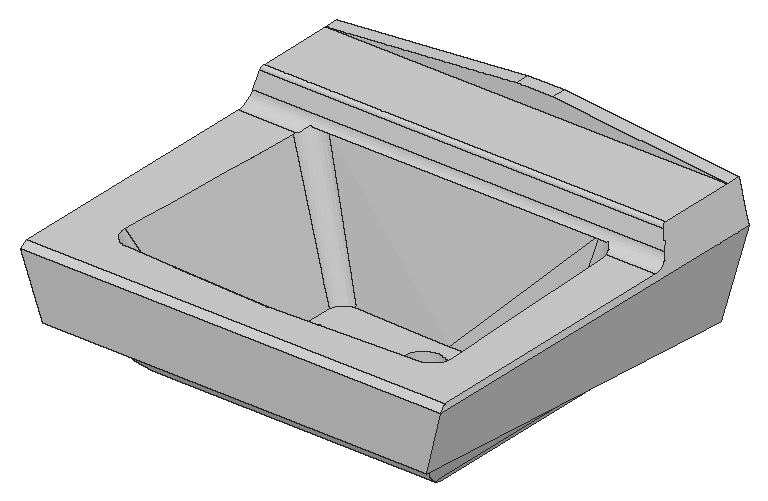
Revit family
Parameters (values of type "0321.026")
  Waste Connection = yes
  WFU = 0
  Vent Connection = no
  URL = "www.americanstandard-us.com"
  Type Comments = ""
  Revised Date = "09/12/2011"
  Product URL = "http://www.americanstandard-us.com/commercial-sinks/declyn-wall-mount-sink/"
  Phone # = "416-250-5656"
  Model = "0321.026"
  Material = Vitreous China
  Manufacturer = "American Standard"
  HWFU = 0
  HW Connection = yes
  Designed By = "ATS BIM Team"
  Description = "Wall Mount Sink"
  Default Elevation = 2' - 10"
  Cost = 0
  CWFU = 0
  CW Connection = yes
  Assembly Code = "D2010400"
Reference planes (in)
  plane 1: y = 0
  plane 2: z = 0
  plane 3: x = 0
Forms (in)
  Extrusion 1, solid, material "Vitreous China" <- "Material"
    sketch origin (0, -60, 0) x (0, 1, 0) y (0, 0, 1)
      loop
        line (61.6165, 10.49415) -> (61.6165, 12.55886) -> (60.99937, 12.55886) -> (60.99937, 11.80886) -> (57.59415, 11.80886)
        arc (57.59415, 11.80886) -> (57.47341, 11.76251) -> (57.4147, 11.64729) r 0.18043
        line (57.4147, 11.64729) -> (57.23478, 10.86793)
        arc (57.23478, 10.86793) -> (57.03125, 10.46848) -> (56.61271, 10.30782) r 0.62549
        line (56.61271, 10.30782) -> (44.9108, 10.30782) -> (44.64047, 10.03749) -> (44.88114, 7.28656) -> (61.6165, 5.80886) -> (61.6165, 10.49415)
    from -9.74482 to 9.56518
  Blend 2, void
    base sketch origin (-0.01376, -0.05339, 0) x (1, 0, 0) y (0, 1, 0)
      loop
        line (0, -10.89724) -> (4.74711, -10.73147)
        arc (4.74711, -10.73147) -> (5.08814, -10.29162) -> (5.11049, -9.7355) r 0.91314
        line (5.11049, -9.7355) -> (4.90981, -3.989)
        arc (4.90981, -3.989) -> (4.71552, -3.51993) -> (4.24645, -3.32563) r 0.66337
        arc (4.24645, -3.32563) -> (2.12564, -3.4689) -> (0, -3.47415) r 32.7172
        arc (0, -3.47415) -> (-2.12564, -3.4689) -> (-4.24645, -3.32563) r 32.7172
        arc (-4.24645, -3.32563) -> (-4.71552, -3.51993) -> (-4.90981, -3.989) r 0.66337
        line (-4.90981, -3.989) -> (-5.11049, -9.7355)
        arc (-5.11049, -9.7355) -> (-5.08814, -10.29162) -> (-4.74711, -10.73147) r 0.91314
        line (-4.74711, -10.73147) -> (0, -10.89724)
    top sketch origin (-0.01376, -0.05339, 0) x (1, 0, 0) y (0, 1, 0)
      loop
        arc (-7.32715, -12.39402) -> (-7.0923, -13.037) -> (-6.47082, -13.32394) r 0.89152
        arc (-6.47082, -13.32394) -> (-3.2368, -13.48482) -> (0, -13.57332) r 144.75412
        arc (0, -13.57332) -> (3.2368, -13.48482) -> (6.47082, -13.32394) r 144.75412
        arc (6.47082, -13.32394) -> (7.0923, -13.037) -> (7.32715, -12.39402) r 0.89152
        line (7.32715, -12.39402) -> (6.93742, -3.50809)
        arc (6.93742, -3.50809) -> (6.6091, -2.93736) -> (5.9905, -2.71184) r 0.96118
        line (5.9905, -2.71184) -> (-5.9905, -2.71184)
        arc (-5.9905, -2.71184) -> (-6.63884, -2.90199) -> (-6.93742, -3.50809) r 0.84
        line (-6.93742, -3.50809) -> (-7.32715, -12.39402)
    from 4.30886 to 10.49412
  Extrusion 3, void
    sketch origin (-60, 0, 0) x (-1, 0, 0) y (0, 0, 1)
      loop
        line (-51.70591, 5.80886) -> (-49.98875, 5.80886) -> (-49.98875, 12.55886) -> (-60.02696, 12.55886)
        arc (-60.02696, 12.55886) -> (-55.45056, 12.38671) -> (-50.90747, 11.80925) r 51.5712
        line (-50.90747, 11.80925) -> (-50.48875, 10.03749) -> (-51.70591, 5.80886)
    from -15.92472 to 2.1165
  Extrusion 4, void
    sketch origin (59.55392, 0, 0.00971) x (1, 0, 0) y (0, 0, -1)
      loop
        line (-51.74469, -5.67415) -> (-50.48875, -10.03749) -> (-50.90747, -11.80925)
        arc (-50.90747, -11.80925) -> (-55.45056, -12.38671) -> (-60.02696, -12.55886) r 51.5712
        line (-60.02696, -12.55886) -> (-49.98875, -12.55886) -> (-49.98875, -5.67415) -> (-51.74469, -5.67415)
    from -15.92472 to 2.1165
  Extrusion 5, solid, material "Vitreous China" <- "Material"
    sketch origin (-6, -60, 0) x (0, 1, 0) y (0, 0, 1)
      loop
        arc (46.26185, 7.16465) -> (47.1783, 5.58202) -> (48.65647, 4.50515) r 4.42495
        arc (48.65647, 4.50515) -> (51.16965, 3.62038) -> (53.77868, 3.08022) r 19.84667
        line (53.77868, 3.08022) -> (58.66113, 3.08022)
        arc (58.66113, 3.08022) -> (58.76626, 4.56825) -> (58.77254, 6.05998) r 22.49363
        line (58.77254, 6.05998) -> (46.26185, 7.16465)
    from -1.30767 to 13.33657
  Extrusion 6, void
    sketch origin (-60, -13.625, -0.07285) x (-1, 0, 0) y (0, 0, 1)
      loop
        line (-67.33657, 7.16465) -> (-67.33657, 3.15307) -> (-61.25, 3.15307) -> (-64.44029, 3.7732)
        arc (-64.44029, 3.7732) -> (-65.44354, 4.22674) -> (-66.21286, 5.01437) r 2.97227
        line (-66.21286, 5.01437) -> (-67.33657, 7.16465)
      loop
        line (-52.69233, 3.15307) -> (-52.69233, 7.16465) -> (-53.78463, 5.02089)
        arc (-53.78463, 5.02089) -> (-54.54356, 4.20703) -> (-55.56791, 3.77222) r 2.67617
        line (-55.56791, 3.77222) -> (-58.75315, 3.15307) -> (-52.69233, 3.15307)
    from -0.4706 to 12.4915
  Revolve 7, solid, material "Vitreous China" <- "Material"
    sketch origin (-37.5, -5, -0.125) x (1, 0, 0) y (0, 0, 1)
      loop
        line (38.78, 3.24442) -> (37.5, 3.24442) -> (37.5, 2.30886) -> (38.78, 2.30886) -> (38.78, 3.24442)
      axis (37.5, 2.30886) -> (37.5, 3.24442)
    angle from 0 to 360
  Extrusion 8, void
    sketch origin (0, 0.375, 0) x (1, 0, 0) y (0, 1, 0)
      loop
        circle (0.00758, -5.38784) r 0.85646
    from 2.18386 to 6.65481
Cuts and joins
  Blend 2, Extrusion 3, Extrusion 4, Extrusion 6, Extrusion 8 cuts Extrusion 1
  Blend 2, Extrusion 6, Extrusion 8 cuts Extrusion 5
  Blend 2, Extrusion 8 cuts Revolve 7
  joined: Extrusion 1, Extrusion 5, Revolve 7
